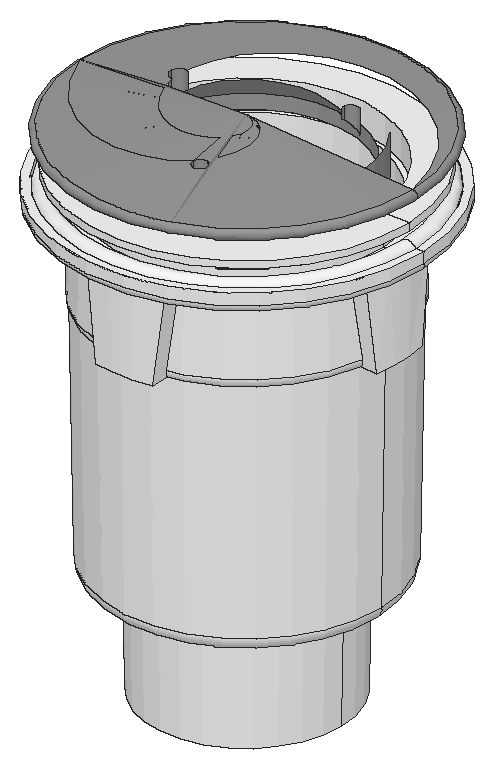
Revit family "0126.13 LRP DC EC BE50", category Plumbing Fixtures, Revit 2016
Family settings
  Part Type = Normal
  Round Connector Dimension = Use Diameter
  OmniClass Number = 23.31.27.00
  OmniClass Title = Floor Drains
  Work Plane-Based = No
  Always vertical = Yes
  Cut with Voids When Loaded = No
  Shared = No
  Room Calculation Point = No
Parameters (values of type "0126.13")
  Waste Connection = yes
  Vent Connection = no
  URL = "www.aquaknight.co.nz"
  Phone = "+6498322214"  # constant formula
  Model = "LRP DC EC BE50 – 0126.03"
  Manufacturer = "Aquanight Industries Ltd"  # constant formula
  HW Connection = no
  Email = "info@aquaknight.co.nz"  # constant formula
  Description = "DWV50 Wastetrap with chrome dome lid"
  CW Connection = no
Reference planes
  plane 1 "Center (Front/Back)": y = 0
  plane 2: z = 0
  plane 3 "Center (Left/Right)": x = 0
  plane 4: x = -12.666
  plane 5: x = -8.658
  plane 6: z = -130.344
Forms (mm)
  Revolve 1, solid, material "Plastic, Glossy White"
    sketch origin (0, 0, 0) x (1, 0, 0) y (0, 0, 1)
      loop
        line (-40.88, -107.194) -> (-42.255, -28.405) -> (-40.35, -28.405) -> (-39.919, -2.405) -> (-41.45, -2.405) -> (-41.45, 6.595) -> (-52.279, 6.595) -> (-52.279, 4.395) -> (-50.75, 3.513) -> (-46.125, 3.095)
        arc (-46.125, 3.095) -> (-44.504, 2.292) -> (-43.85, 0.606) r 2.5
        line (-43.85, 0.606) -> (-43.85, -3.399) -> (-49.924, -3.399)
        arc (-49.924, -3.399) -> (-51.565, 1.366) -> (-53.206, -3.399) r 2.665
        line (-53.206, -3.399) -> (-54.441, -3.399) -> (-54.5, 0) -> (-57, 0) -> (-56.936, -3.693)
        arc (-56.936, -3.693) -> (-56.187, -5.433) -> (-54.434, -6.149) r 2.5
        line (-54.434, -6.149) -> (-45.017, -6.149)
        spline (-45.017, -6.149) -> (-45.069, -8.251) -> (-45.119, -10.355) -> (-45.168, -12.461) -> (-45.216, -14.57) -> (-45.262, -16.68) -> (-45.306, -18.793) -> (-45.349, -20.908) -> (-45.391, -23.025) -> (-45.431, -25.143) -> (-45.469, -27.264) -> (-45.506, -29.386) -> (-45.542, -31.51)
        arc (-45.542, -31.51) -> (-45.324, -32.787) -> (-44.659, -33.899) r 3.52
        line (-44.659, -33.899) -> (-43.379, -107.231)
        arc (-43.379, -107.231) -> (-42.425, -109.923) -> (-40.043, -111.499) r 4.5
        line (-40.043, -111.499) -> (-31.158, -113.88) -> (-30.6, -145.844) -> (-28.1, -145.844) -> (-27.75, -114.844) -> (-25.06, -114.844)
        arc (-25.06, -114.844) -> (-25.576, -113.323) -> (-26.91, -112.43) r 2.5
        line (-26.91, -112.43) -> (-39.405, -109.082)
        arc (-39.405, -109.082) -> (-40.458, -108.385) -> (-40.88, -107.194) r 1.99
      axis (0, 6.595) -> (0, -145.844)
    angle from 0 to 360
  Revolve 2, solid, material "Steel, Chrome Plated"
    sketch origin (0, 0, 0) x (1, 0, 0) y (0, 0, 1)
      loop
        arc (0, 19.379) -> (-26.654, 18.63) -> (-53.224, 16.388) r 475
        arc (-53.224, 16.388) -> (-54.731, 14.881) -> (-53.224, 13.375) r 1.507
        arc (-53.224, 13.375) -> (-44.629, 14.265) -> (-36.019, 14.998) r 475
        line (-36.019, 14.998) -> (-36.019, 2.379) -> (-33.2, 2.379) -> (-33.2, 6.88)
        spline (-33.2, 6.88) -> (-32.462, 7.618) -> (-31.723, 8.356) -> (-30.984, 9.095) -> (-30.244, 9.834) -> (-29.505, 10.573) -> (-28.765, 11.312) -> (-28.025, 12.052) -> (-27.285, 12.791) -> (-26.545, 13.531) -> (-25.805, 14.271) -> (-25.064, 15.011) -> (-24.324, 15.752)
        arc (-24.324, 15.752) -> (-12.166, 16.222) -> (0, 16.379) r 472
        line (0, 16.379) -> (0, 19.379)
      axis (0, 19.379) -> (0, 2.379)
    angle from 0 to 360
  SweptBlend 3, solid, material "Plastic, Glossy White", detail levels fine
    path origin (0, 0, 0) x (1, 0, 0) y (0, 0, 1)
      loop
        line (0, -6.149) -> (0, -33.899)
    profile origin (0, 0, -6.149) x (0, -1, 0) y (1, 0, 0)
      loop
        arc (48.308, -12.6) -> (49.924, 0) -> (48.308, 12.6) r 49.924
        line (48.308, 12.6) -> (43.218, 12.6)
        arc (43.218, 12.6) -> (45.017, 0) -> (43.218, -12.6) r 45.017
        line (43.218, -12.6) -> (48.308, -12.6)
    end profile origin (0, 0, -33.899) x (0, -1, 0) y (1, 0, 0)
      loop
        arc (49.088, -9.1) -> (49.924, 0) -> (49.088, 9.1) r 49.924
        line (49.088, 9.1) -> (44.088, 9.1)
        arc (44.088, 9.1) -> (45.017, 0) -> (44.088, -9.1) r 45.017
        line (44.088, -9.1) -> (49.088, -9.1)
  SweptBlend 4, solid, material "Plastic, Glossy White", detail levels fine
    path origin (0, 0, 0) x (0, -1, 0) y (0, 0, 1)
      loop
        line (0, -6.149) -> (0, -33.899)
    profile origin (0, 0, -6.149) x (-1, 0, 0) y (0, -1, 0)
      loop
        arc (48.308, -12.6) -> (49.924, 0) -> (48.308, 12.6) r 49.924
        line (48.308, 12.6) -> (43.218, 12.6)
        arc (43.218, 12.6) -> (45.017, 0) -> (43.218, -12.6) r 45.017
        line (43.218, -12.6) -> (48.308, -12.6)
    end profile origin (0, 0, -33.899) x (-1, 0, 0) y (0, -1, 0)
      loop
        arc (49.088, -9.1) -> (49.924, 0) -> (49.088, 9.1) r 49.924
        line (49.088, 9.1) -> (44.088, 9.1)
        arc (44.088, 9.1) -> (45.017, 0) -> (44.088, -9.1) r 45.017
        line (44.088, -9.1) -> (49.088, -9.1)
  SweptBlend 5, solid, material "Plastic, Glossy White", detail levels fine
    path origin (0, 0, 0) x (-1, 0, 0) y (0, 0, 1)
      loop
        line (0, -6.149) -> (0, -33.899)
    profile origin (0, 0, -6.149) x (0, 1, 0) y (-1, 0, 0)
      loop
        arc (48.308, -12.6) -> (49.924, 0) -> (48.308, 12.6) r 49.924
        line (48.308, 12.6) -> (43.218, 12.6)
        arc (43.218, 12.6) -> (45.017, 0) -> (43.218, -12.6) r 45.017
        line (43.218, -12.6) -> (48.308, -12.6)
    end profile origin (0, 0, -33.899) x (0, 1, 0) y (-1, 0, 0)
      loop
        arc (49.088, -9.1) -> (49.924, 0) -> (49.088, 9.1) r 49.924
        line (49.088, 9.1) -> (44.088, 9.1)
        arc (44.088, 9.1) -> (45.017, 0) -> (44.088, -9.1) r 45.017
        line (44.088, -9.1) -> (49.088, -9.1)
  SweptBlend 6, solid, material "Plastic, Glossy White", detail levels fine
    path origin (0, 0, 0) x (0, 1, 0) y (0, 0, 1)
      loop
        line (0, -6.149) -> (0, -33.899)
    profile origin (0, 0, -6.149) x (1, 0, 0) y (0, 1, 0)
      loop
        arc (48.308, -12.6) -> (49.924, 0) -> (48.308, 12.6) r 49.924
        line (48.308, 12.6) -> (43.218, 12.6)
        arc (43.218, 12.6) -> (45.017, 0) -> (43.218, -12.6) r 45.017
        line (43.218, -12.6) -> (48.308, -12.6)
    end profile origin (0, 0, -33.899) x (1, 0, 0) y (0, 1, 0)
      loop
        arc (49.088, -9.1) -> (49.924, 0) -> (49.088, 9.1) r 49.924
        line (49.088, 9.1) -> (44.088, 9.1)
        arc (44.088, 9.1) -> (45.017, 0) -> (44.088, -9.1) r 45.017
        line (44.088, -9.1) -> (49.088, -9.1)
  Extrusion 7, void
    sketch origin (0, 0, 4) x (0, 1, 0) y (-1, 0, 0)
      loop
        circle (7.012, 27.623) r 2.418
      loop
        circle (19.364, -17.985) r 2.262
      loop
        circle (-26.269, -5.937) r 2.262
    from -7.399 to 18.251
Cuts and joins
  Extrusion 7 cuts Revolve 2
Dimensions and locks
  locked: plane 6 to Revolve 1 at 15.5
  locked: connector elem to plane 3 "Center (Left/Right)" at 0
  locked: connector elem to plane 1 "Center (Front/Back)"
  aligned and locked: level to plane 2
  aligned and locked: Revolve 1 sketch curve to plane 3 "Center (Left/Right)"
  aligned and locked: Revolve 2 sketch curve to plane 3 "Center (Left/Right)"
Connectors
  piping at (0, 0, -130.344), diameter 50
    settings: on plane 6, index 1, connector inside diameter 609.6 mm, connector length 0 mm, flow factor 0, pipe flow 0.0 L/s, pressure drop 0.0 Pa, fitting loss kfactor 0, connector angle 0.00°, fixture units 0, engagement length 0 mm, angle of deflection 0.00°, flow configuration 0, flow direction 0, fitting loss method 0, system type 28, joint type 0, gender type 0, connector reference index -1, connector utility 0, adjustable connector no, is connector primary yes, connector description ""
